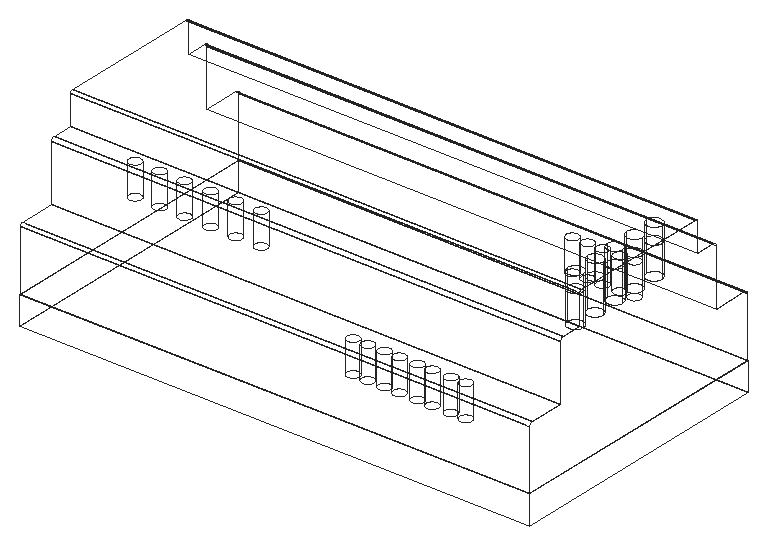
Revit family "Maxlogic Akıllı adresli duman damper modülü ( Tekli )", category Fire Alarm Devices, host Face, Revit 2021
Family settings
  Host = Face
  Maintain Annotation Orientation = Yes
  Round Connector Dimension = Use Diameter
  Part Type = Normal
  OmniClass Number = 23.85.30.21
  OmniClass Title = Environmental Detection/Registration
  Cut with Voids When Loaded = No
  Shared = No
  Room Calculation Point = No
Parameters (values of type "Maxlogic akıllı adresli duman damper modülü 24V DC Kısa devre izolatörlü")
  Weight = ""
  Weatherproof surface mounting back box = ""
  Warranty Duration Unit = "Year"
  Warranty Duration Parts = "2"
  Warranty Duration Labor = "2"
  Version = ""
  URL = "https://www.mavili.com.tr/"
  Recessed mounting base = ""
  Public Works Pose Number = ""
  Protection Sign = ""
  Product Code = "ML-1356.SCI"
  Phone Number = "(+)90 216 466 45 05"
  Operatonal Voltage (default) = "24 V/DC"
  Operating voltage range = "18-33V/DC"
  Operating temperature = "(-30°C) - (+60°C)"
  Nominal Depth = "60 mm"
  Nominal Wıdth = "158 mm"
  Nominal Height = "86 mm"
  Mounting surface = "Duvara montaj"
  Mounting height = ""
  Model = "Maxlogic"
  Manufacturer = "Mavili Elektronik Ticaret A.Ş."
  Installation Manual = "https://mavilielektronik.com/Revit/ML135XX_kk.pdf"
  Indicator output = ""
  Fax Number = "(+)90 216 466 45 10"
  External supply = "24 V/DC"
  Email = "mavili@mavili.com.tr"
  Disclaimer = ""
  Device Adress Setup = "El tipi adresleme cihazı"
  Description = "Akıllı adresli duman damper modülü 24V DC Kısa devre izolatörlü"
  Default Elevation = 0 mm
  Current consumption = ""
  Cost unıt = ""
  Cost = 0
  Compatible sockets = ""
  Color = "Beyaz"
  Code Performance = "EN 54-17 / EN 54-18"
  Main Material = "White Plastic ABS"
  Secondary Material = "Plastic"
  Battery = ""
  Address line 1 = "Şerifali Mahallesi Kutup Sokak No:27/1-2-4 Ümraniye TR-34775 İSTANBUL"
Types (7, lengths in mm): name | Product Code | External supply | Description
  (no name) | "ML-1356.SCI" | "24 V/DC" | "Akıllı adresli duman damper modülü 24V DC Kısa devre izolatörlü"
  Maxlogic akıllı adresli duman damper modülü 24V DC | "ML-1356" | "24 V/DC" | "Akıllı adresli duman damper modülü 24V DC"
  Maxlogic akıllı adresli duman damper modülü 24V DC Kısa devre izolatörlü | "ML-1356.SCI" | "24 V/DC" | "Akıllı adresli duman damper modülü 24V DC Kısa devre izolatörlü"
  Maxlogic akıllı adresli duman damper modülü 24V AC | "ML-1357" | "24 V/AC" | "Akıllı adresli duman damper modülü 24V AC"
  Maxlogic akıllı adresli duman damper modülü 24V AC Kısa devre izolatörlü | "ML-1357.SCI" | "24 V/AC" | "Akıllı adresli duman damper modülü 24V AC Kısa devre izolatörlü"
  Maxlogic akıllı adresli duman damper modülü 220V AC | "ML-1358" | "220 V/AC" | "Akıllı adresli duman damper modülü 220V AC"
  Maxlogic akıllı adresli duman damper modülü 220V AC Kısa devre izolatörlü | "ML-1358.SCI" | "220 V/AC" | "Akıllı adresli duman damper modülü 220V AC Kısa devre izolatörlü"
Reference planes
  plane 1 "Center (Front/Back)": y = 0
  plane 2: z = 0
  plane 3 "Center (Left/Right)": x = 0
Forms (mm)
  Extrusion 1, solid, material "Mavili elektronik 1.renk"
    sketch origin (79, -130.689, 0) x (0, 1, 0) y (0, 0, -1)
      loop
        line (88.323, 0) -> (88.323, -8.989) -> (173.055, -8.989) -> (173.055, 0) -> (88.323, 0)
    from 0 to 158
  Extrusion 2, solid, material "Mavili elektronik 1.renk"
    sketch origin (79, -130.689, 0) x (0, 1, 0) y (0, 0, -1)
      loop
        line (172.922, -8.989) -> (88.455, -8.989) -> (88.455, -27.627)
        arc (88.455, -27.627) -> (88.726, -28.281) -> (89.38, -28.552) r 0.925
        line (89.38, -28.552) -> (100.484, -28.552) -> (100.484, -46.133)
        arc (100.484, -46.133) -> (100.839, -46.795) -> (101.541, -47.059) r 1.067
        line (101.541, -47.059) -> (107.754, -47.059) -> (107.754, -56.312)
        arc (107.754, -56.312) -> (108.111, -56.761) -> (108.679, -56.84) r 0.772
        line (108.679, -56.84) -> (152.566, -56.84)
        arc (152.566, -56.84) -> (153.205, -56.797) -> (153.623, -56.312) r 0.832
        line (153.623, -56.312) -> (153.623, -47.059) -> (159.836, -47.059)
        arc (159.836, -47.059) -> (160.49, -46.788) -> (160.761, -46.133) r 0.925
        line (160.761, -46.133) -> (160.761, -28.552) -> (171.865, -28.552)
        arc (171.865, -28.552) -> (172.567, -28.288) -> (172.922, -27.627) r 1.067
        line (172.922, -27.627) -> (172.922, -8.989)
    from 0 to 158
  Extrusion 3, void
    sketch origin (83.775, 21.877, 28.552) x (1, 0, 0) y (0, -1, 0)
      loop
        circle (-49.575, -14.336) r 1.93
    from 0 to 10
  Extrusion 4, void
    sketch origin (79.038, 21.877, 28.552) x (1, 0, 0) y (0, -1, 0)
      loop
        circle (-49.575, -14.336) r 1.93
    from 0 to 10
  Extrusion 5, void
    sketch origin (88.39, 21.877, 28.552) x (1, 0, 0) y (0, -1, 0)
      loop
        circle (-49.575, -14.336) r 1.93
    from 0 to 10
  Extrusion 6, void
    sketch origin (93.789, 21.877, 28.552) x (1, 0, 0) y (0, -1, 0)
      loop
        circle (-49.575, -14.336) r 1.93
    from 0 to 10
  Extrusion 7, void
    sketch origin (98.318, 21.877, 28.552) x (1, 0, 0) y (0, -1, 0)
      loop
        circle (-49.575, -14.336) r 1.93
    from 0 to 10
  Extrusion 8, void
    sketch origin (69.026, -50.601, 28.552) x (1, 0, 0) y (0, -1, 0)
      loop
        circle (-49.575, -14.336) r 1.93
    from 0 to 10
  Extrusion 9, void
    sketch origin (73.606, -50.601, 28.552) x (1, 0, 0) y (0, -1, 0)
      loop
        circle (-49.575, -14.336) r 1.93
    from 0 to 10
  Extrusion 10, void
    sketch origin (78.825, -50.601, 28.552) x (1, 0, 0) y (0, -1, 0)
      loop
        circle (-49.575, -14.336) r 1.93
    from 0 to 10
  Extrusion 11, void
    sketch origin (83.405, -50.601, 28.552) x (1, 0, 0) y (0, -1, 0)
      loop
        circle (-49.575, -14.336) r 1.93
    from 0 to 10
  Extrusion 12, void
    sketch origin (89.04, -50.601, 28.552) x (1, 0, 0) y (0, -1, 0)
      loop
        circle (-49.575, -14.336) r 1.93
    from 0 to 10
  Extrusion 13, void
    sketch origin (93.62, -50.601, 28.552) x (1, 0, 0) y (0, -1, 0)
      loop
        circle (-49.575, -14.336) r 1.93
    from 0 to 10
  Extrusion 14, void
    sketch origin (99.381, -50.601, 28.552) x (1, 0, 0) y (0, -1, 0)
      loop
        circle (-49.575, -14.336) r 1.93
    from 0 to 10
  Extrusion 15, void
    sketch origin (103.96, -50.601, 28.552) x (1, 0, 0) y (0, -1, 0)
      loop
        circle (-49.575, -14.336) r 1.93
    from 0 to 10
  Extrusion 16, void
    sketch origin (32.662, -40.858, 28.552) x (1, 0, 0) y (0, -1, 0)
      loop
        circle (-49.575, -14.336) r 1.93
    from -18.506 to -8.506
  Extrusion 17, void
    sketch origin (24.836, -40.858, 28.552) x (1, 0, 0) y (0, -1, 0)
      loop
        circle (-49.575, -14.336) r 1.93
    from -18.506 to -8.506
  Extrusion 18, void
    sketch origin (17.016, -40.858, 28.552) x (1, 0, 0) y (0, -1, 0)
      loop
        circle (-49.575, -14.336) r 1.93
    from -18.506 to -8.506
  Extrusion 19, void
    sketch origin (8.996, -40.858, 28.552) x (1, 0, 0) y (0, -1, 0)
      loop
        circle (-49.575, -14.336) r 1.93
    from -18.506 to -8.506
  Extrusion 20, void
    sketch origin (1.221, -40.858, 28.552) x (1, 0, 0) y (0, -1, 0)
      loop
        circle (-49.575, -14.336) r 1.93
    from -18.506 to -8.506
  Extrusion 21, void
    sketch origin (79, 21.877, 56.84) x (1, 0, 0) y (0, -1, 0)
      loop
        circle (-7.075, 7.019) r 2.445
    from 0 to 15
  Extrusion 22, void
    sketch origin (79, 14.208, 56.84) x (1, 0, 0) y (0, -1, 0)
      loop
        circle (-7.075, 7.019) r 2.445
    from 0 to 15
  Extrusion 23, void
    sketch origin (79, 6.646, 56.84) x (1, 0, 0) y (0, -1, 0)
      loop
        circle (-7.075, 7.019) r 2.445
    from 0 to 15
  Extrusion 24, void
    sketch origin (79, -1.022, 56.84) x (1, 0, 0) y (0, -1, 0)
      loop
        circle (-7.075, 7.019) r 2.445
    from 0 to 15
  Extrusion 25, void
    sketch origin (79, -8.691, 56.84) x (1, 0, 0) y (0, -1, 0)
      loop
        circle (-7.075, 7.019) r 2.445
    from 0 to 15
  Extrusion 26, solid, material "Glass"
    sketch origin (79, 21.877, 41.84) x (0, -1, 0) y (1, 0, 0)
      loop
        circle (7.019, -7.075) r 2.445
    from 0 to 10
  Extrusion 27, solid, material "Glass"
    sketch origin (79, 14.208, 41.84) x (0, -1, 0) y (1, 0, 0)
      loop
        circle (7.019, -7.075) r 2.445
    from 0 to 10
  Extrusion 28, solid, material "Glass"
    sketch origin (79, 6.646, 41.84) x (0, -1, 0) y (1, 0, 0)
      loop
        circle (7.019, -7.075) r 2.445
    from 0 to 10
  Extrusion 29, solid, material "Glass"
    sketch origin (79, -1.022, 41.84) x (0, -1, 0) y (1, 0, 0)
      loop
        circle (7.019, -7.075) r 2.445
    from 0 to 10
  Extrusion 30, solid, material "Glass"
    sketch origin (79, -8.691, 41.84) x (0, -1, 0) y (1, 0, 0)
      loop
        circle (7.019, -7.075) r 2.445
    from 0 to 10
  Extrusion 31, void
    sketch origin (-6.371, -40.858, 47.059) x (1, 0, 0) y (0, -1, 0)
      loop
        circle (-49.575, -14.336) r 1.93
    from 0 to 10
Cuts and joins
  Extrusion 3, Extrusion 4, Extrusion 5, Extrusion 6, Extrusion 7, Extrusion 8, Extrusion 9, Extrusion 10, Extrusion 11, Extrusion 12, Extrusion 13, Extrusion 14, Extrusion 15, Extrusion 16, Extrusion 17, Extrusion 18, Extrusion 19, Extrusion 20, Extrusion 21, Extrusion 22, Extrusion 23, Extrusion 24, Extrusion 25, Extrusion 31 cuts Extrusion 2
Lines and regions (mm)
  model lines
    curve 1: line (-60.042, -9.532, 56.84) -> (-60.042, -21.035, 56.84)
    curve 2: line (-36.61, -9.532, 56.84) -> (-60.042, -9.532, 56.84)
    curve 3: line (-36.61, -21.035, 56.84) -> (-36.61, -9.532, 56.84)
    curve 4: line (-60.042, -21.035, 56.84) -> (-36.61, -21.035, 56.84)
    curve 5: line (-36.61, -9.532, 56.84) -> (-36.61, -21.035, 56.84)
    curve 6: line (-13.178, -9.532, 56.84) -> (-36.61, -9.532, 56.84)
    curve 7: line (-13.178, -21.035, 56.84) -> (-13.178, -9.532, 56.84)
    curve 8: line (-36.61, -21.035, 56.84) -> (-13.178, -21.035, 56.84)
    curve 9: line (-60.042, -13.367, 56.84) -> (-13.178, -13.367, 56.84)
    curve 10: line (-13.178, -9.532, 56.84) -> (-36.61, -9.532, 56.84)
    curve 11: line (-13.178, -13.367, 56.84) -> (-13.178, -21.035, 56.84)
    curve 12: line (-28.835, -13.367, 56.84) -> (-28.835, -21.035, 56.84)
    curve 13: line (-20.953, -13.367, 56.84) -> (-20.953, -21.035, 56.84)
    curve 14: line (-44.385, -13.367, 56.84) -> (-44.385, -21.035, 56.84)
    curve 15: line (-52.16, -13.367, 56.84) -> (-52.16, -21.035, 56.84)
    curve 16: line (26.549, 20.822, 56.84) -> (26.549, 13.154, 56.84)
    curve 17: line (52.217, 20.822, 56.84) -> (26.549, 20.822, 56.84)
    curve 18: line (52.217, 13.154, 56.84) -> (52.217, 20.822, 56.84)
    curve 19: line (26.549, 13.154, 56.84) -> (52.217, 13.154, 56.84)
    curve 20: line (41.886, 16.988, 56.84) -> (52.217, 16.988, 56.84)
    curve 21: line (47.052, 16.988, 56.84) -> (47.052, 20.822, 56.84)
    curve 22: line (36.774, 16.988, 56.84) -> (26.549, 16.988, 56.84)
    curve 23: line (31.661, 20.822, 56.84) -> (31.661, 16.988, 56.84)
    curve 24: line (36.774, 20.822, 56.84) -> (36.774, 13.154, 56.84)
    curve 25: line (41.886, 20.822, 56.84) -> (41.886, 13.154, 56.84)
    curve 26: line (16.644, -8.467, 56.84) -> (16.644, -21.035, 56.84)
    curve 27: line (57.649, -8.467, 56.84) -> (16.644, -8.467, 56.84)
    curve 28: line (57.649, -21.035, 56.84) -> (57.649, -8.467, 56.84)
    curve 29: line (16.644, -21.035, 56.84) -> (57.649, -21.035, 56.84)
    curve 30: line (16.644, -13.367, 56.84) -> (57.649, -13.367, 56.84)
    curve 31: line (37.146, -8.467, 56.84) -> (37.146, -21.035, 56.84)
    curve 32: line (16.644, -17.201, 56.84) -> (57.649, -17.201, 56.84)
    curve 33: line (26.868, -13.367, 56.84) -> (26.868, -21.035, 56.84)
    curve 34: line (47.424, -13.367, 56.84) -> (47.424, -21.035, 56.84)
    curve 35: line (52.537, -17.201, 56.84) -> (52.537, -21.035, 56.84)
    curve 36: line (42.205, -17.201, 56.84) -> (42.205, -21.035, 56.84)
    curve 37: line (31.981, -17.201, 56.84) -> (31.981, -21.035, 56.84)
    curve 38: line (21.756, -17.201, 56.84) -> (21.756, -21.035, 56.84)
    curve 39: line (68.939, -33.816, 28.552) -> (-68.988, -33.816, 28.552)
    curve 40: line (-68.988, -38.822, 28.552) -> (68.939, -38.822, 28.552)
    curve 41: arc (68.939, -38.822, 28.552) -> (71.442, -36.319, 28.552) -> (68.939, -33.816, 28.552) r 2.503
    curve 42: arc (-68.988, -33.816, 28.552) -> (-71.491, -36.319, 28.552) -> (-68.988, -38.822, 28.552) r 2.503
    curve 43: line (68.939, 38.715, 28.552) -> (-68.988, 38.715, 28.552)
    curve 44: line (-68.988, 33.71, 28.552) -> (68.939, 33.71, 28.552)
    curve 45: arc (68.939, 38.715, 28.552) -> (71.442, 36.213, 28.552) -> (68.939, 33.71, 28.552) r 2.503
    curve 46: arc (-68.988, 33.71, 28.552) -> (-71.491, 36.213, 28.552) -> (-68.988, 38.715, 28.552) r 2.503
Dimensions and locks
  aligned and locked: plane 2 to host face
  aligned and locked: level to host face
Connectors
  electrical at (-16.914, -26.522, 37.059)
    settings: on cut or joined group of Extrusion 2, Extrusion 3, Extrusion 4, Extrusion 5, Extrusion 6, Extrusion 7, Extrusion 8, Extrusion 9, Extrusion 10, Extrusion 11, Extrusion 12, Extrusion 13, Extrusion 14, Extrusion 15, Extrusion 16, Extrusion 17, Extrusion 18, Extrusion 19, Extrusion 20, Extrusion 21, Extrusion 22, Extrusion 23, Extrusion 24, Extrusion 25, Extrusion 31, index 1, voltage 0 V, apparent load 0 VA, apparent load phase1 0 VA, apparent load phase2 0 VA, apparent load phase3 0 VA, power factor 1, load classification "Other", number of poles 1, system type 31, power factor state 1, is connector primary yes, connector utility no, sub classification motor no, connector description ""
